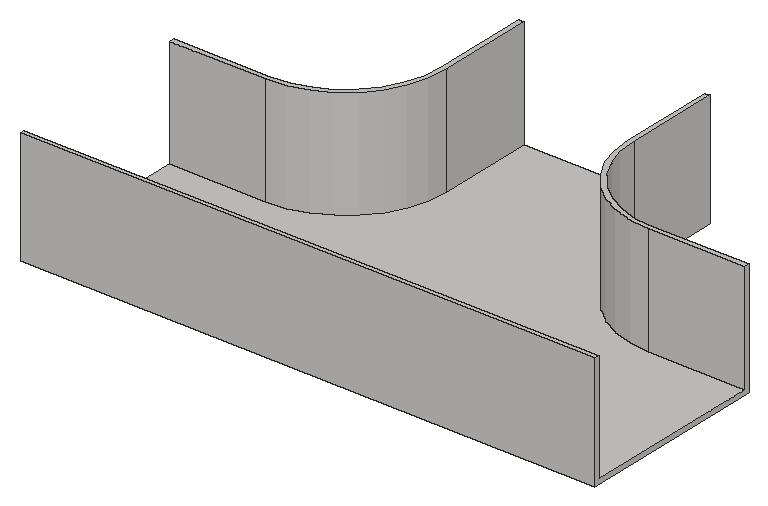
Revit family "S4R_OBO BETTERMANN_CableTray_Tee_RTM FS", category Cable Tray Fittings, Revit 2012
Parameters
  Wholesaler art.no. = ""
  Wholesaler = ""
  Watermarked By = "www.stabiplan.com"
  WIDTH3 [instance] = 100 mm
  WIDTH1 [instance] = 100 mm
  VERSION = "91900"  # constant formula
  URL = "www.stabiplan.com"
  built-in parameter 1140111 [instance] = 2.6 mm
  TYPE [instance] = "RTM FS"  # constant formula
  StabiCAD_PM = ""
  Smallest_L1_L2 [instance] = if(LENGTH1 - WIDTH3 / 2 > LENGTH2 - WIDTH3 / 2, LENGTH2 - WIDTH3 / 2, LENGTH1 - WIDTH3 / 2)  # 100 mm
  SmallestLength [instance] = if(LENGTH3 - WIDTH1 / 2 > Smallest_L1_L2, Smallest_L1_L2, LENGTH3 - WIDTH1 / 2)  # 100 mm
  RadiusWithThickness [instance] = Radius + [built-in parameter 1140111]  # 52.6 mm
  Radius [instance] = 50 mm  # constant formula
  PRODUCTLINE [instance] = "OBO BETTERMANN"  # constant formula
  Manufacturer = "OBO BETTERMANN CableTrays"  # constant formula
  LENGTH3 [instance] = if(and(WIDTH1 = 100 mm, HEIGHT1 = 60 mm, WIDTH3 = 100 mm, ANGLE2 = 90.00°), 150 mm, if(and(WIDTH1 = 150 mm, HEIGHT1 = 60 mm, WIDTH3 = 150 mm, ANGLE2 = 90.00°), 175 mm, if(and(WIDTH1 = 200 mm, HEIGHT1 = 60 mm, WIDTH3 = 200 mm, ANGLE2 = 90.00°), 200 mm, if(and(WIDTH1 = 300 mm, HEIGHT1 = 60 mm, WIDTH3 = 300 mm, ANGLE2 = 90.00°), 250 mm, if(and(WIDTH1 = 400 mm, HEIGHT1 = 60 mm, WIDTH3 = 400 mm, ANGLE2 = 90.00°), 300 mm, if(and(WIDTH1 = 500 mm, HEIGHT1 = 60 mm, WIDTH3 = 500 mm, ANGLE2 = 90.00°), 350 mm, if(and(WIDTH1 = 600 mm, HEIGHT1 = 60 mm, WIDTH3 = 600 mm, ANGLE2 = 90.00°), 400 mm, if(and(WIDTH1 = 100 mm, HEIGHT1 = 85 mm, WIDTH3 = 100 mm, ANGLE2 = 90.00°), 150 mm, if(and(WIDTH1 = 150 mm, HEIGHT1 = 85 mm, WIDTH3 = 150 mm, ANGLE2 = 90.00°), 175 mm, if(and(WIDTH1 = 200 mm, HEIGHT1 = 85 mm, WIDTH3 = 200 mm, ANGLE2 = 90.00°), 200 mm, if(and(WIDTH1 = 300 mm, HEIGHT1 = 85 mm, WIDTH3 = 300 mm, ANGLE2 = 90.00°), 250 mm, if(and(WIDTH1 = 400 mm, HEIGHT1 = 85 mm, WIDTH3 = 400 mm, ANGLE2 = 90.00°), 300 mm, if(and(WIDTH1 = 500 mm, HEIGHT1 = 85 mm, WIDTH3 = 500 mm, ANGLE2 = 90.00°), 350 mm, if(and(WIDTH1 = 600 mm, HEIGHT1 = 85 mm, WIDTH3 = 600 mm, ANGLE2 = 90.00°), 400 mm, if(and(WIDTH1 = 100 mm, HEIGHT1 = 110 mm, WIDTH3 = 100 mm, ANGLE2 = 90.00°), 150 mm, if(and(WIDTH1 = 150 mm, HEIGHT1 = 110 mm, WIDTH3 = 150 mm, ANGLE2 = 90.00°), 175 mm, if(and(WIDTH1 = 200 mm, HEIGHT1 = 110 mm, WIDTH3 = 200 mm, ANGLE2 = 90.00°), 200 mm, if(and(WIDTH1 = 300 mm, HEIGHT1 = 110 mm, WIDTH3 = 300 mm, ANGLE2 = 90.00°), 250 mm, if(and(WIDTH1 = 400 mm, HEIGHT1 = 110 mm, WIDTH3 = 400 mm, ANGLE2 = 90.00°), 300 mm, if(and(WIDTH1 = 500 mm, HEIGHT1 = 110 mm, WIDTH3 = 500 mm, ANGLE2 = 90.00°), 350 mm, if(and(WIDTH1 = 600 mm, HEIGHT1 = 110 mm, WIDTH3 = 600 mm, ANGLE2 = 90.00°), 400 mm, if(and(WIDTH1 = 100 mm, HEIGHT1 = 35 mm, WIDTH3 = 100 mm, ANGLE2 = 90.00°), 150 mm, if(and(WIDTH1 = 200 mm, HEIGHT1 = 35 mm, WIDTH3 = 200 mm, ANGLE2 = 90.00°), 200 mm, if(and(WIDTH1 = 300 mm, HEIGHT1 = 35 mm, WIDTH3 = 300 mm, ANGLE2 = 90.00°), 250 mm, WIDTH3 * 1.5))))))))))))))))))))))))  # 150 mm
  LENGTH2 [instance] = if(and(WIDTH1 = 100 mm, HEIGHT1 = 60 mm, WIDTH3 = 100 mm, ANGLE2 = 90.00°), 150 mm, if(and(WIDTH1 = 150 mm, HEIGHT1 = 60 mm, WIDTH3 = 150 mm, ANGLE2 = 90.00°), 175 mm, if(and(WIDTH1 = 200 mm, HEIGHT1 = 60 mm, WIDTH3 = 200 mm, ANGLE2 = 90.00°), 200 mm, if(and(WIDTH1 = 300 mm, HEIGHT1 = 60 mm, WIDTH3 = 300 mm, ANGLE2 = 90.00°), 250 mm, if(and(WIDTH1 = 400 mm, HEIGHT1 = 60 mm, WIDTH3 = 400 mm, ANGLE2 = 90.00°), 300 mm, if(and(WIDTH1 = 500 mm, HEIGHT1 = 60 mm, WIDTH3 = 500 mm, ANGLE2 = 90.00°), 350 mm, if(and(WIDTH1 = 600 mm, HEIGHT1 = 60 mm, WIDTH3 = 600 mm, ANGLE2 = 90.00°), 400 mm, if(and(WIDTH1 = 100 mm, HEIGHT1 = 85 mm, WIDTH3 = 100 mm, ANGLE2 = 90.00°), 150 mm, if(and(WIDTH1 = 150 mm, HEIGHT1 = 85 mm, WIDTH3 = 150 mm, ANGLE2 = 90.00°), 175 mm, if(and(WIDTH1 = 200 mm, HEIGHT1 = 85 mm, WIDTH3 = 200 mm, ANGLE2 = 90.00°), 200 mm, if(and(WIDTH1 = 300 mm, HEIGHT1 = 85 mm, WIDTH3 = 300 mm, ANGLE2 = 90.00°), 250 mm, if(and(WIDTH1 = 400 mm, HEIGHT1 = 85 mm, WIDTH3 = 400 mm, ANGLE2 = 90.00°), 300 mm, if(and(WIDTH1 = 500 mm, HEIGHT1 = 85 mm, WIDTH3 = 500 mm, ANGLE2 = 90.00°), 350 mm, if(and(WIDTH1 = 600 mm, HEIGHT1 = 85 mm, WIDTH3 = 600 mm, ANGLE2 = 90.00°), 400 mm, if(and(WIDTH1 = 100 mm, HEIGHT1 = 110 mm, WIDTH3 = 100 mm, ANGLE2 = 90.00°), 150 mm, if(and(WIDTH1 = 150 mm, HEIGHT1 = 110 mm, WIDTH3 = 150 mm, ANGLE2 = 90.00°), 175 mm, if(and(WIDTH1 = 200 mm, HEIGHT1 = 110 mm, WIDTH3 = 200 mm, ANGLE2 = 90.00°), 200 mm, if(and(WIDTH1 = 300 mm, HEIGHT1 = 110 mm, WIDTH3 = 300 mm, ANGLE2 = 90.00°), 250 mm, if(and(WIDTH1 = 400 mm, HEIGHT1 = 110 mm, WIDTH3 = 400 mm, ANGLE2 = 90.00°), 300 mm, if(and(WIDTH1 = 500 mm, HEIGHT1 = 110 mm, WIDTH3 = 500 mm, ANGLE2 = 90.00°), 350 mm, if(and(WIDTH1 = 600 mm, HEIGHT1 = 110 mm, WIDTH3 = 600 mm, ANGLE2 = 90.00°), 400 mm, if(and(WIDTH1 = 100 mm, HEIGHT1 = 35 mm, WIDTH3 = 100 mm, ANGLE2 = 90.00°), 150 mm, if(and(WIDTH1 = 200 mm, HEIGHT1 = 35 mm, WIDTH3 = 200 mm, ANGLE2 = 90.00°), 200 mm, if(and(WIDTH1 = 300 mm, HEIGHT1 = 35 mm, WIDTH3 = 300 mm, ANGLE2 = 90.00°), 250 mm, WIDTH1 * 1.5))))))))))))))))))))))))  # 150 mm
  LENGTH1 [instance] = if(and(WIDTH1 = 100 mm, HEIGHT1 = 60 mm, WIDTH3 = 100 mm, ANGLE2 = 90.00°), 150 mm, if(and(WIDTH1 = 150 mm, HEIGHT1 = 60 mm, WIDTH3 = 150 mm, ANGLE2 = 90.00°), 175 mm, if(and(WIDTH1 = 200 mm, HEIGHT1 = 60 mm, WIDTH3 = 200 mm, ANGLE2 = 90.00°), 200 mm, if(and(WIDTH1 = 300 mm, HEIGHT1 = 60 mm, WIDTH3 = 300 mm, ANGLE2 = 90.00°), 250 mm, if(and(WIDTH1 = 400 mm, HEIGHT1 = 60 mm, WIDTH3 = 400 mm, ANGLE2 = 90.00°), 300 mm, if(and(WIDTH1 = 500 mm, HEIGHT1 = 60 mm, WIDTH3 = 500 mm, ANGLE2 = 90.00°), 350 mm, if(and(WIDTH1 = 600 mm, HEIGHT1 = 60 mm, WIDTH3 = 600 mm, ANGLE2 = 90.00°), 400 mm, if(and(WIDTH1 = 100 mm, HEIGHT1 = 85 mm, WIDTH3 = 100 mm, ANGLE2 = 90.00°), 150 mm, if(and(WIDTH1 = 150 mm, HEIGHT1 = 85 mm, WIDTH3 = 150 mm, ANGLE2 = 90.00°), 175 mm, if(and(WIDTH1 = 200 mm, HEIGHT1 = 85 mm, WIDTH3 = 200 mm, ANGLE2 = 90.00°), 200 mm, if(and(WIDTH1 = 300 mm, HEIGHT1 = 85 mm, WIDTH3 = 300 mm, ANGLE2 = 90.00°), 250 mm, if(and(WIDTH1 = 400 mm, HEIGHT1 = 85 mm, WIDTH3 = 400 mm, ANGLE2 = 90.00°), 300 mm, if(and(WIDTH1 = 500 mm, HEIGHT1 = 85 mm, WIDTH3 = 500 mm, ANGLE2 = 90.00°), 350 mm, if(and(WIDTH1 = 600 mm, HEIGHT1 = 85 mm, WIDTH3 = 600 mm, ANGLE2 = 90.00°), 400 mm, if(and(WIDTH1 = 100 mm, HEIGHT1 = 110 mm, WIDTH3 = 100 mm, ANGLE2 = 90.00°), 150 mm, if(and(WIDTH1 = 150 mm, HEIGHT1 = 110 mm, WIDTH3 = 150 mm, ANGLE2 = 90.00°), 175 mm, if(and(WIDTH1 = 200 mm, HEIGHT1 = 110 mm, WIDTH3 = 200 mm, ANGLE2 = 90.00°), 200 mm, if(and(WIDTH1 = 300 mm, HEIGHT1 = 110 mm, WIDTH3 = 300 mm, ANGLE2 = 90.00°), 250 mm, if(and(WIDTH1 = 400 mm, HEIGHT1 = 110 mm, WIDTH3 = 400 mm, ANGLE2 = 90.00°), 300 mm, if(and(WIDTH1 = 500 mm, HEIGHT1 = 110 mm, WIDTH3 = 500 mm, ANGLE2 = 90.00°), 350 mm, if(and(WIDTH1 = 600 mm, HEIGHT1 = 110 mm, WIDTH3 = 600 mm, ANGLE2 = 90.00°), 400 mm, if(and(WIDTH1 = 100 mm, HEIGHT1 = 35 mm, WIDTH3 = 100 mm, ANGLE2 = 90.00°), 150 mm, if(and(WIDTH1 = 200 mm, HEIGHT1 = 35 mm, WIDTH3 = 200 mm, ANGLE2 = 90.00°), 200 mm, if(and(WIDTH1 = 300 mm, HEIGHT1 = 35 mm, WIDTH3 = 300 mm, ANGLE2 = 90.00°), 250 mm, WIDTH1 * 1.5))))))))))))))))))))))))  # 150 mm
  Internal art.no. = ""
  ISCUSTOM [instance] = if(and(WIDTH1 = 100 mm, HEIGHT1 = 60 mm, WIDTH3 = 100 mm, ANGLE2 = 90.00°), 1 = 0, if(and(WIDTH1 = 150 mm, HEIGHT1 = 60 mm, WIDTH3 = 150 mm, ANGLE2 = 90.00°), 1 = 0, if(and(WIDTH1 = 200 mm, HEIGHT1 = 60 mm, WIDTH3 = 200 mm, ANGLE2 = 90.00°), 1 = 0, if(and(WIDTH1 = 300 mm, HEIGHT1 = 60 mm, WIDTH3 = 300 mm, ANGLE2 = 90.00°), 1 = 0, if(and(WIDTH1 = 400 mm, HEIGHT1 = 60 mm, WIDTH3 = 400 mm, ANGLE2 = 90.00°), 1 = 0, if(and(WIDTH1 = 500 mm, HEIGHT1 = 60 mm, WIDTH3 = 500 mm, ANGLE2 = 90.00°), 1 = 0, if(and(WIDTH1 = 600 mm, HEIGHT1 = 60 mm, WIDTH3 = 600 mm, ANGLE2 = 90.00°), 1 = 0, if(and(WIDTH1 = 100 mm, HEIGHT1 = 85 mm, WIDTH3 = 100 mm, ANGLE2 = 90.00°), 1 = 0, if(and(WIDTH1 = 150 mm, HEIGHT1 = 85 mm, WIDTH3 = 150 mm, ANGLE2 = 90.00°), 1 = 0, if(and(WIDTH1 = 200 mm, HEIGHT1 = 85 mm, WIDTH3 = 200 mm, ANGLE2 = 90.00°), 1 = 0, if(and(WIDTH1 = 300 mm, HEIGHT1 = 85 mm, WIDTH3 = 300 mm, ANGLE2 = 90.00°), 1 = 0, if(and(WIDTH1 = 400 mm, HEIGHT1 = 85 mm, WIDTH3 = 400 mm, ANGLE2 = 90.00°), 1 = 0, if(and(WIDTH1 = 500 mm, HEIGHT1 = 85 mm, WIDTH3 = 500 mm, ANGLE2 = 90.00°), 1 = 0, if(and(WIDTH1 = 600 mm, HEIGHT1 = 85 mm, WIDTH3 = 600 mm, ANGLE2 = 90.00°), 1 = 0, if(and(WIDTH1 = 100 mm, HEIGHT1 = 110 mm, WIDTH3 = 100 mm, ANGLE2 = 90.00°), 1 = 0, if(and(WIDTH1 = 150 mm, HEIGHT1 = 110 mm, WIDTH3 = 150 mm, ANGLE2 = 90.00°), 1 = 0, if(and(WIDTH1 = 200 mm, HEIGHT1 = 110 mm, WIDTH3 = 200 mm, ANGLE2 = 90.00°), 1 = 0, if(and(WIDTH1 = 300 mm, HEIGHT1 = 110 mm, WIDTH3 = 300 mm, ANGLE2 = 90.00°), 1 = 0, if(and(WIDTH1 = 400 mm, HEIGHT1 = 110 mm, WIDTH3 = 400 mm, ANGLE2 = 90.00°), 1 = 0, if(and(WIDTH1 = 500 mm, HEIGHT1 = 110 mm, WIDTH3 = 500 mm, ANGLE2 = 90.00°), 1 = 0, if(and(WIDTH1 = 600 mm, HEIGHT1 = 110 mm, WIDTH3 = 600 mm, ANGLE2 = 90.00°), 1 = 0, if(and(WIDTH1 = 100 mm, HEIGHT1 = 35 mm, WIDTH3 = 100 mm, ANGLE2 = 90.00°), 1 = 0, if(and(WIDTH1 = 200 mm, HEIGHT1 = 35 mm, WIDTH3 = 200 mm, ANGLE2 = 90.00°), 1 = 0, if(and(WIDTH1 = 300 mm, HEIGHT1 = 35 mm, WIDTH3 = 300 mm, ANGLE2 = 90.00°), 1 = 0, 1 = 1))))))))))))))))))))))))  # no
  IFCExportType = ""
  IFCExportAs = ""
  HEIGHT1 [instance] = 60 mm
  GTINNUMBER [instance] = if(and(WIDTH1 = 100 mm, HEIGHT1 = 60 mm, WIDTH3 = 100 mm, ANGLE2 = 90.00°), "4012195878995", if(and(WIDTH1 = 150 mm, HEIGHT1 = 60 mm, WIDTH3 = 150 mm, ANGLE2 = 90.00°), "4012195879008", if(and(WIDTH1 = 200 mm, HEIGHT1 = 60 mm, WIDTH3 = 200 mm, ANGLE2 = 90.00°), "4012195879046", if(and(WIDTH1 = 300 mm, HEIGHT1 = 60 mm, WIDTH3 = 300 mm, ANGLE2 = 90.00°), "4012195879053", if(and(WIDTH1 = 400 mm, HEIGHT1 = 60 mm, WIDTH3 = 400 mm, ANGLE2 = 90.00°), "4012195879060", if(and(WIDTH1 = 500 mm, HEIGHT1 = 60 mm, WIDTH3 = 500 mm, ANGLE2 = 90.00°), "4012195879107", if(and(WIDTH1 = 600 mm, HEIGHT1 = 60 mm, WIDTH3 = 600 mm, ANGLE2 = 90.00°), "4012195879114", if(and(WIDTH1 = 100 mm, HEIGHT1 = 85 mm, WIDTH3 = 100 mm, ANGLE2 = 90.00°), "4012195881278", if(and(WIDTH1 = 150 mm, HEIGHT1 = 85 mm, WIDTH3 = 150 mm, ANGLE2 = 90.00°), "4012195895923", if(and(WIDTH1 = 200 mm, HEIGHT1 = 85 mm, WIDTH3 = 200 mm, ANGLE2 = 90.00°), "4012195881360", if(and(WIDTH1 = 300 mm, HEIGHT1 = 85 mm, WIDTH3 = 300 mm, ANGLE2 = 90.00°), "4012195881377", if(and(WIDTH1 = 400 mm, HEIGHT1 = 85 mm, WIDTH3 = 400 mm, ANGLE2 = 90.00°), "4012195881384", if(and(WIDTH1 = 500 mm, HEIGHT1 = 85 mm, WIDTH3 = 500 mm, ANGLE2 = 90.00°), "4012195881391", if(and(WIDTH1 = 600 mm, HEIGHT1 = 85 mm, WIDTH3 = 600 mm, ANGLE2 = 90.00°), "4012195881407", if(and(WIDTH1 = 100 mm, HEIGHT1 = 110 mm, WIDTH3 = 100 mm, ANGLE2 = 90.00°), "4012195882336", if(and(WIDTH1 = 150 mm, HEIGHT1 = 110 mm, WIDTH3 = 150 mm, ANGLE2 = 90.00°), "4012195896104", if(and(WIDTH1 = 200 mm, HEIGHT1 = 110 mm, WIDTH3 = 200 mm, ANGLE2 = 90.00°), "4012195882343", if(and(WIDTH1 = 300 mm, HEIGHT1 = 110 mm, WIDTH3 = 300 mm, ANGLE2 = 90.00°), "4012195882350", if(and(WIDTH1 = 400 mm, HEIGHT1 = 110 mm, WIDTH3 = 400 mm, ANGLE2 = 90.00°), "4012195882367", if(and(WIDTH1 = 500 mm, HEIGHT1 = 110 mm, WIDTH3 = 500 mm, ANGLE2 = 90.00°), "4012195882404", if(and(WIDTH1 = 600 mm, HEIGHT1 = 110 mm, WIDTH3 = 600 mm, ANGLE2 = 90.00°), "4012195882411", if(and(WIDTH1 = 100 mm, HEIGHT1 = 35 mm, WIDTH3 = 100 mm, ANGLE2 = 90.00°), "4012195915386", if(and(WIDTH1 = 200 mm, HEIGHT1 = 35 mm, WIDTH3 = 200 mm, ANGLE2 = 90.00°), "4012195915423", if(and(WIDTH1 = 300 mm, HEIGHT1 = 35 mm, WIDTH3 = 300 mm, ANGLE2 = 90.00°), "4012195915713", "Unknown"))))))))))))))))))))))))  # "4012195878995"
  ETIM article class = ""
  Description = "Horizontal CableTray Tee"
  DEEPLINK = "http://catalog1.obo-bettermann.com/catalogue/catalogue.do?forward=showProductGroup&act=showIO&favOid=kts_399349&action=showManyProducts&lang=de&OID=kts_399349&catId="
  Copyright = "© Stabiplan BV / Stabiplan International BV"  # constant formula
  CT3 [instance] = 1
  CT2 [instance] = 1
  CT1 [instance] = 1
  BodyColor = Steel
  Assembly Code = ""
  ARTICLENUMBER [instance] = if(and(WIDTH1 = 100 mm, HEIGHT1 = 60 mm, WIDTH3 = 100 mm, ANGLE2 = 90.00°), "6041320", if(and(WIDTH1 = 150 mm, HEIGHT1 = 60 mm, WIDTH3 = 150 mm, ANGLE2 = 90.00°), "6041322", if(and(WIDTH1 = 200 mm, HEIGHT1 = 60 mm, WIDTH3 = 200 mm, ANGLE2 = 90.00°), "6041324", if(and(WIDTH1 = 300 mm, HEIGHT1 = 60 mm, WIDTH3 = 300 mm, ANGLE2 = 90.00°), "6041326", if(and(WIDTH1 = 400 mm, HEIGHT1 = 60 mm, WIDTH3 = 400 mm, ANGLE2 = 90.00°), "6041328", if(and(WIDTH1 = 500 mm, HEIGHT1 = 60 mm, WIDTH3 = 500 mm, ANGLE2 = 90.00°), "6041330", if(and(WIDTH1 = 600 mm, HEIGHT1 = 60 mm, WIDTH3 = 600 mm, ANGLE2 = 90.00°), "6041332", if(and(WIDTH1 = 100 mm, HEIGHT1 = 85 mm, WIDTH3 = 100 mm, ANGLE2 = 90.00°), "6041660", if(and(WIDTH1 = 150 mm, HEIGHT1 = 85 mm, WIDTH3 = 150 mm, ANGLE2 = 90.00°), "6041661", if(and(WIDTH1 = 200 mm, HEIGHT1 = 85 mm, WIDTH3 = 200 mm, ANGLE2 = 90.00°), "6041662", if(and(WIDTH1 = 300 mm, HEIGHT1 = 85 mm, WIDTH3 = 300 mm, ANGLE2 = 90.00°), "6041664", if(and(WIDTH1 = 400 mm, HEIGHT1 = 85 mm, WIDTH3 = 400 mm, ANGLE2 = 90.00°), "6041666", if(and(WIDTH1 = 500 mm, HEIGHT1 = 85 mm, WIDTH3 = 500 mm, ANGLE2 = 90.00°), "6041668", if(and(WIDTH1 = 600 mm, HEIGHT1 = 85 mm, WIDTH3 = 600 mm, ANGLE2 = 90.00°), "6041670", if(and(WIDTH1 = 100 mm, HEIGHT1 = 110 mm, WIDTH3 = 100 mm, ANGLE2 = 90.00°), "6042010", if(and(WIDTH1 = 150 mm, HEIGHT1 = 110 mm, WIDTH3 = 150 mm, ANGLE2 = 90.00°), "6042011", if(and(WIDTH1 = 200 mm, HEIGHT1 = 110 mm, WIDTH3 = 200 mm, ANGLE2 = 90.00°), "6042012", if(and(WIDTH1 = 300 mm, HEIGHT1 = 110 mm, WIDTH3 = 300 mm, ANGLE2 = 90.00°), "6042014", if(and(WIDTH1 = 400 mm, HEIGHT1 = 110 mm, WIDTH3 = 400 mm, ANGLE2 = 90.00°), "6042018", if(and(WIDTH1 = 500 mm, HEIGHT1 = 110 mm, WIDTH3 = 500 mm, ANGLE2 = 90.00°), "6042020", if(and(WIDTH1 = 600 mm, HEIGHT1 = 110 mm, WIDTH3 = 600 mm, ANGLE2 = 90.00°), "6042022", if(and(WIDTH1 = 100 mm, HEIGHT1 = 35 mm, WIDTH3 = 100 mm, ANGLE2 = 90.00°), "6041030", if(and(WIDTH1 = 200 mm, HEIGHT1 = 35 mm, WIDTH3 = 200 mm, ANGLE2 = 90.00°), "6041032", if(and(WIDTH1 = 300 mm, HEIGHT1 = 35 mm, WIDTH3 = 300 mm, ANGLE2 = 90.00°), "6041034", "Unknown"))))))))))))))))))))))))  # "6041320"
  ARTICLEDESCRIPTION [instance] = "Horizontal CableTray Tee"
  ANGLE2 [instance] = 90.00°  # constant formula
Reference planes
  plane 1 "Center (Front/Back)": y = 0
  plane 2: z = 0
  plane 3 "Center (Left/Right)": x = 0
  plane 4: y = 50
  plane 5: y = -50
  plane 6: z = 30
  plane 7: z = -30
  plane 8: x = -50
  plane 9: x = 50
  plane 10: x = -100
  plane 11: x = 100
  plane 12: y = -47.4
  plane 13: y = 47.4
  plane 14: x = -47.4
  plane 15: x = 47.4
  plane 16: x = -150
  plane 17: x = 150
  plane 18: z = -27.4
  plane 19: y = 100
  plane 20: y = 150
Forms (mm)
  Extrusion 1, solid, material "Steel" <- "BodyColor", detail levels fine
    sketch origin (0, 0, 0) x (1, 0, 0) y (0, 1, 0)
      loop
        line (-150, -47.4) -> (-150, -50) -> (150, -50) -> (150, -47.4) -> (-150, -47.4)
      loop
        line (-150, 47.4) -> (-100, 47.4)
        arc (-100, 47.4) -> (-62.806, 62.806) -> (-47.4, 100) r 52.6
        line (-47.4, 100) -> (-47.4, 150) -> (-50, 150) -> (-50, 100)
        arc (-50, 100) -> (-64.645, 64.645) -> (-100, 50) r 50
        line (-100, 50) -> (-150, 50) -> (-150, 47.4)
      loop
        line (150, 50) -> (100, 50)
        arc (100, 50) -> (64.645, 64.645) -> (50, 100) r 50
        line (50, 100) -> (50, 150) -> (47.4, 150) -> (47.4, 100)
        arc (47.4, 100) -> (62.806, 62.806) -> (100, 47.4) r 52.6
        line (100, 47.4) -> (150, 47.4) -> (150, 50)
    from -30 to 30
  Extrusion 2, solid, material "Steel" <- "BodyColor", detail levels fine
    sketch origin (0, 0, 0) x (1, 0, 0) y (0, 1, 0)
      loop
        line (-150, 50) -> (-150, -50) -> (150, -50) -> (150, 50) -> (100, 50)
        arc (100, 50) -> (64.645, 64.645) -> (50, 100) r 50
        line (50, 100) -> (50, 150) -> (-50, 150) -> (-50, 100)
        arc (-50, 100) -> (-64.645, 64.645) -> (-100, 50) r 50
        line (-100, 50) -> (-150, 50)
    from -30 to -27.4
  Extrusion 3, solid, material "Steel" <- "BodyColor", detail levels medium
    sketch origin (0, 0, 0) x (1, 0, 0) y (0, 1, 0)
      loop
        line (-150, 50) -> (-150, -50) -> (150, -50) -> (150, 50) -> (100, 50)
        arc (100, 50) -> (64.645, 64.645) -> (50, 100) r 50
        line (50, 100) -> (50, 150) -> (-50, 150) -> (-50, 100)
        arc (-50, 100) -> (-64.645, 64.645) -> (-100, 50) r 50
        line (-100, 50) -> (-150, 50)
    from -30 to 30
Cuts and joins
  joined: Extrusion 1, Extrusion 2
Lines and regions (mm)
  model lines, style "Coarse", detail levels coarse
    curve 1: line (-150, 0, 0) -> (150, 0, 0)
    curve 2: line (0, 0, 0) -> (0, 150, 0)
Dimensions and locks
  equal spacing: plane 4, plane 1 "Center (Front/Back)", plane 5
  "WIDTH1": plane 4 to plane 5
  equal spacing: plane 6, plane 2, plane 7
  "HEIGHT1": plane 6 to plane 7
  equal spacing: plane 8, plane 3 "Center (Left/Right)", plane 9
  "WIDTH3": plane 8 to plane 9
  "Radius": plane 9 to plane 11
  "built-in parameter 1140111": plane 12 to plane 5
  "built-in parameter 1140111": plane 4 to plane 13
  "built-in parameter 1140111": plane 8 to plane 14
  "built-in parameter 1140111": plane 15 to plane 9
  "built-in parameter 1140111": plane 18 to plane 7
  "LENGTH1": plane 16 to plane 3 "Center (Left/Right)"
  "LENGTH2": plane 3 "Center (Left/Right)" to plane 17
  "LENGTH3": plane 1 "Center (Front/Back)" to plane 20
  "Radius": plane 10 to plane 8
  "Radius": plane 19 to plane 4
  "Radius": radius of Extrusion 3 sketch curve  (x2)
  "Radius": radius of Extrusion 2 sketch curve  (x2)
  "Radius": radius of Extrusion 1 sketch curve  (x2)
  "RadiusWithThickness": radius of Extrusion 1 sketch curve  (x2)
  aligned and locked: Extrusion 1 sketch curve to plane 16
  aligned and locked: Extrusion 1 to plane 7
  aligned and locked: plane 6 to Extrusion 1
  aligned and locked: plane 5 to Extrusion 1 sketch curve
  aligned and locked: plane 12 to Extrusion 1 sketch curve
  aligned and locked: Extrusion 1 sketch curve to plane 17  (x2)
  aligned and locked: plane 16 to Extrusion 1 sketch curve
  aligned and locked: Extrusion 2 sketch curve to plane 16
  aligned and locked: plane 4 to Extrusion 2 sketch curve
  aligned and locked: plane 5 to Extrusion 2 sketch curve
  aligned and locked: plane 17 to Extrusion 2 sketch curve
  aligned and locked: Extrusion 2 to plane 7
  aligned and locked: plane 18 to Extrusion 2
  aligned and locked: plane 4 to Extrusion 3 sketch curve  (x2)
  aligned and locked: Extrusion 3 sketch curve to plane 16
  aligned and locked: plane 5 to Extrusion 3 sketch curve
  aligned and locked: Extrusion 3 sketch curve to plane 17
  aligned and locked: Extrusion 3 to plane 7
  aligned and locked: plane 6 to Extrusion 3
  aligned and locked: plane 17 to curve 1
  aligned and locked: plane 1 "Center (Front/Back)" to curve 1
  aligned and locked: plane 1 "Center (Front/Back)" to curve 2
  aligned and locked: curve 2 to plane 3 "Center (Left/Right)"
  aligned and locked: Extrusion 3 to curve 2
Automatic sketch dimensions
  curve 1 to plane 16 = 0 mm
  Extrusion 1 sketch curve to Extrusion 1 sketch curve = 0 mm  (x4)
  Extrusion 1 sketch curve to plane 10 = 0 mm
  Extrusion 1 sketch curve to plane 15 = 0 mm
  Extrusion 1 sketch curve to plane 13 = 0 mm  (x2)
  Extrusion 1 sketch curve to plane 20 = 0 mm  (x2)
  Extrusion 2 sketch curve to plane 4 = 0 mm
  Extrusion 2 sketch curve to plane 10 = 0 mm
  Extrusion 2 sketch curve to plane 9 = 0 mm
  Extrusion 2 sketch curve to plane 20 = 0 mm
  Extrusion 3 sketch curve to plane 10 = 0 mm
  Extrusion 3 sketch curve to plane 9 = 0 mm
  Extrusion 3 sketch curve to plane 20 = 0 mm
Connectors
  cabletrayconduit at (-150, 0, 0), driven by "HEIGHT1", driven by "WIDTH1"
    settings: on Extrusion 3, index 1, connector width 100 mm, connector height 60 mm, connector radius 304.8 mm, connector angle 0.00°, system type 32, placement type 0, profile type 1, connector reference index 2, is primary connector yes, connector utility param no, connector description ""
  cabletrayconduit at (150, 0, 0), driven by "HEIGHT1", driven by "WIDTH1"
    settings: on Extrusion 3, index 2, connector width 100 mm, connector height 60 mm, connector radius 304.8 mm, connector angle 0.00°, system type 32, placement type 0, profile type 1, connector reference index 1, is primary connector no, connector utility param no, connector description ""
  cabletrayconduit at (0, 150, 0), driven by "HEIGHT1", driven by "WIDTH3"
    settings: on Extrusion 3, index 3, connector width 100 mm, connector height 60 mm, connector radius 300 mm, connector angle 0.00°, system type 32, placement type 0, profile type 1, connector reference index -1, is primary connector no, connector utility param no, connector description ""
